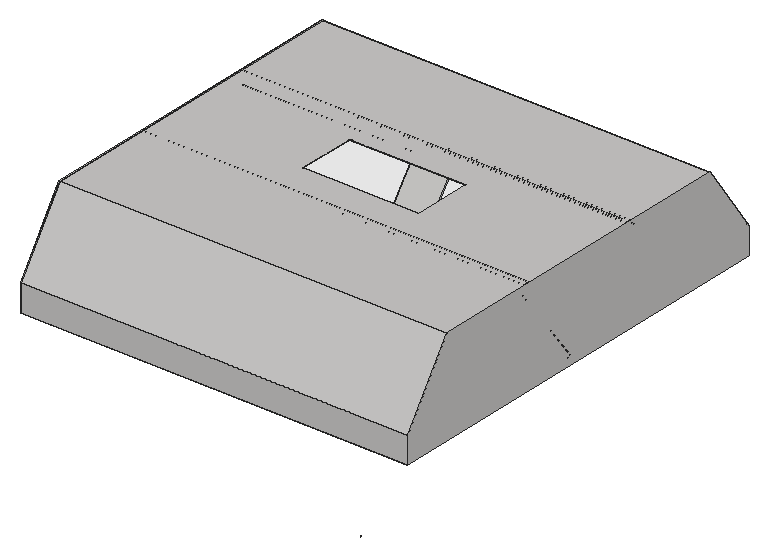
Revit family "QF_ELECTROLUXPROFESSIONAL_642369_BC2220DT", category Specialty Equipment, Revit 2014
Reference planes
  plane 1: z = 0
  plane 2 "Center (Left/Right)": x = 150
  plane 3 "LEFT": x = -850
  plane 4 "RIGHT": x = 1150
  plane 5 "BACK": y = 550
  plane 6 "TOP": z = 2500
  plane 7 "Base": z = 2000
  plane 8: z = 1946
  plane 9: x = -847
  plane 10 "DrainX": x = 999
  plane 11 "AOLeft2": x = 450
  plane 12: x = 1147
  plane 13: x = -650
  plane 14: x = 950
  plane 15: x = 50
  plane 16: x = 250
  plane 17 "AOLeft1": x = -150
  plane 18: y = -400
  plane 19: y = -700
  plane 20 "Center (Front/Back)": y = -550
  plane 21: y = -1650
  plane 22: through (0, -601.379, 2046.209) normal (0, 0.8019, 0.5974)
  plane 23: through (0, -498.621, 2046.209) normal (0, 0.8019, -0.5974)
  plane 24: z = 2140
Forms (mm)
  Extrusion 1, solid, material "QF_Finishes_Stainless Steel"
    sketch origin (-850, 0, 360) x (0, 1, 0) y (0, 0, 1)
      loop
        line (550, 1640) -> (550, 1780) -> (299.446, 2140) -> (-1399.446, 2140) -> (-1650, 1780) -> (-1650, 1640) -> (550, 1640)
    from 0 to 3
  Extrusion 2, solid, material "QF_Finishes_Stainless Steel"
    sketch origin (1150, 0, 360) x (0, 1, 0) y (0, 0, 1)
      loop
        line (550, 1640) -> (550, 1780) -> (299.446, 2140) -> (-1399.446, 2140) -> (-1650, 1780) -> (-1650, 1640) -> (550, 1640)
    from 0 to -3
  Extrusion 3, solid, material "QF_Finishes_Stainless Steel"
    sketch origin (150, 0, 360) x (0, 1, 0) y (0, 0, 1)
      loop
        line (-1399.446, 2140) -> (-1650, 1780) -> (-1650, 1640) -> (-1640, 1640) -> (-1640, 1640.8) -> (-1649.2, 1640.8) -> (-1649.2, 1779.739) -> (-1399.025, 2139.19) -> (299.025, 2139.19) -> (549.2, 1779.739) -> (549.2, 1640.8) -> (540, 1640.8) -> (540, 1640) -> (550, 1640) -> (550, 1780) -> (299.446, 2140) -> (-1399.446, 2140)
    from -1000 to 1000
  Extrusion 4, void
    sketch origin (0, 0, 2500) x (0, 1, 0) y (-1, 0, 0)
      loop
        line (-400, -450) -> (-400, 150) -> (-700, 150) -> (-700, -450) -> (-400, -450)
    from 0 to -10
  Extrusion 5, solid, material "QF_Finishes_Stainless Steel"
    sketch origin (0, 0, 0) x (1, 0, 0) y (0, 1, 0)
      loop
        line (-850, 550) -> (-850, 549) -> (-849, 549) -> (-849, 550) -> (-850, 550)
    from 0 to 1
  Extrusion 6, solid, material "QF_Finishes_Stainless Steel"
    sketch origin (150, -400, 360) x (0, 1, 0) y (0, 0, 1)
      loop
        line (-498.883, 2085.553) -> (-201.379, 1686.209) -> (-185.34, 1698.157) -> (-482.844, 2097.501) -> (-498.883, 2085.553)
      loop
        line (198.883, 2085.553) -> (182.844, 2097.501) -> (-114.66, 1698.157) -> (-98.621, 1686.209) -> (198.883, 2085.553)
    from -800 to -997
  Extrusion 7, solid, material "QF_Finishes_Stainless Steel"
    sketch origin (150, -400, 360) x (0, 1, 0) y (0, 0, 1)
      loop
        arc (-83.944, 1704.554) -> (-84.545, 1704.706) -> (-85.077, 1704.389) r 0.81
        line (-85.077, 1704.389) -> (-99.535, 1684.991) -> (-116.611, 1687.002) -> (-113.609, 1712.615) -> (-114.407, 1712.708) -> (-117.406, 1687.095)
        arc (-117.406, 1687.095) -> (-117.237, 1686.499) -> (-116.695, 1686.197) r 0.81
        line (-116.695, 1686.197) -> (-99.628, 1684.196)
        arc (-99.628, 1684.196) -> (-99.213, 1684.257) -> (-98.884, 1684.517) r 0.81
        line (-98.884, 1684.517) -> (-84.436, 1703.911) -> (-73.692, 1695.919) -> (-99.855, 1660.79) -> (-200.145, 1660.79) -> (-226.308, 1695.919) -> (-215.564, 1703.911) -> (-201.116, 1684.517)
        arc (-201.116, 1684.517) -> (-200.787, 1684.257) -> (-200.372, 1684.196) r 0.81
        line (-200.372, 1684.196) -> (-183.305, 1686.197)
        arc (-183.305, 1686.197) -> (-182.763, 1686.499) -> (-182.594, 1687.095) r 0.81
        line (-182.594, 1687.095) -> (-185.593, 1712.708) -> (-186.391, 1712.615) -> (-183.389, 1687.002) -> (-200.465, 1684.991) -> (-214.923, 1704.389)
        arc (-214.923, 1704.389) -> (-215.455, 1704.706) -> (-216.056, 1704.554) r 0.81
        line (-216.056, 1704.554) -> (-226.786, 1696.561)
        arc (-226.786, 1696.561) -> (-227.103, 1696.028) -> (-226.951, 1695.427) r 0.81
        line (-226.951, 1695.427) -> (-200.843, 1660.381)
        arc (-200.843, 1660.381) -> (-200.5, 1660.093) -> (-200.063, 1659.99) r 0.972
        line (-200.063, 1659.99) -> (-99.951, 1659.99)
        arc (-99.951, 1659.99) -> (-99.502, 1660.096) -> (-99.149, 1660.393) r 1
        line (-99.149, 1660.393) -> (-73.049, 1695.427)
        arc (-73.049, 1695.427) -> (-72.897, 1696.028) -> (-73.214, 1696.561) r 0.81
        line (-73.214, 1696.561) -> (-83.944, 1704.554)
      loop
        line (-492.735, 2139.19) -> (-492.735, 2129.205) -> (-517.587, 2110.686)
        arc (-517.587, 2110.686) -> (-517.904, 2110.153) -> (-517.752, 2109.552) r 0.81
        line (-517.752, 2109.552) -> (-484.894, 2065.446) -> (-495.625, 2057.438) -> (-495.147, 2056.796) -> (-484.418, 2064.79)
        arc (-484.418, 2064.79) -> (-484.1, 2065.322) -> (-484.252, 2065.923) r 0.81
        line (-484.252, 2065.923) -> (-517.117, 2110.038) -> (-491.935, 2128.798) -> (-491.935, 2138.4) -> (-462.776, 2138.4) -> (-462.776, 2070.563) -> (-461.976, 2069.49) -> (-461.976, 2139.19) -> (-492.735, 2139.19)
      loop
        line (192.735, 2139.19) -> (161.976, 2139.19) -> (161.976, 2069.49) -> (162.776, 2070.563) -> (162.776, 2138.4) -> (191.935, 2138.4) -> (191.935, 2128.798) -> (217.117, 2110.038) -> (184.252, 2065.923)
        arc (184.252, 2065.923) -> (184.1, 2065.322) -> (184.418, 2064.79) r 0.81
        line (184.418, 2064.79) -> (195.147, 2056.796) -> (195.625, 2057.438) -> (184.894, 2065.446) -> (217.752, 2109.552)
        arc (217.752, 2109.552) -> (217.904, 2110.153) -> (217.587, 2110.686) r 0.81
        line (217.587, 2110.686) -> (192.735, 2129.205) -> (192.735, 2139.19)
    from -997 to 997
  Extrusion 8, solid, material "QF_Finishes_Stainless Steel"
    sketch origin (150, -400, 360) x (0, 1, 0) y (0, 0, 1)
      loop
        line (-498.883, 2085.553) -> (-201.379, 1686.209) -> (-185.34, 1698.157) -> (-482.844, 2097.501) -> (-498.883, 2085.553)
      loop
        line (198.883, 2085.553) -> (182.844, 2097.501) -> (-114.66, 1698.157) -> (-98.621, 1686.209) -> (198.883, 2085.553)
    from 997 to 800
  Extrusion 9, solid, material "QF_Finishes_Stainless Steel"
    sketch origin (150, -400, 360) x (0, 1, 0) y (0, 0, 1)
      loop
        line (-498.883, 2085.553) -> (-201.379, 1686.209) -> (-185.34, 1698.157) -> (-482.844, 2097.501) -> (-498.883, 2085.553)
      loop
        line (198.883, 2085.553) -> (182.844, 2097.501) -> (-114.66, 1698.157) -> (-98.621, 1686.209) -> (198.883, 2085.553)
    from -100 to 100
  Extrusion 10, solid, material "QF_Finished_Chrome"
    sketch origin (150, -400, 360) x (0, 1, 0) y (0, 0, 1)
      loop
        line (-498.883, 2085.553) -> (-201.379, 1686.209) -> (-185.34, 1698.157) -> (-482.844, 2097.501) -> (-498.883, 2085.553)
      loop
        line (198.883, 2085.553) -> (182.844, 2097.501) -> (-114.66, 1698.157) -> (-98.621, 1686.209) -> (198.883, 2085.553)
    from -800 to -100
  Extrusion 11, solid, material "QF_Finished_Chrome"
    sketch origin (150, -400, 360) x (0, 1, 0) y (0, 0, 1)
      loop
        line (-498.883, 2085.553) -> (-201.379, 1686.209) -> (-185.34, 1698.157) -> (-482.844, 2097.501) -> (-498.883, 2085.553)
      loop
        line (198.883, 2085.553) -> (182.844, 2097.501) -> (-114.66, 1698.157) -> (-98.621, 1686.209) -> (198.883, 2085.553)
    from 100 to 800
  Sweep 12, solid, material "QF_Finishes_Stainless Steel"
    path origin (0, 0, 0) x (1, 0, 0) y (0, 1, 0)
      loop
        line (1150, 550) -> (-850, 550) -> (-850, -1650) -> (1150, -1650) -> (1150, 550)
    profile origin (1150, -550, 0) x (1, 0, 0) y (0, 0, 1)
      loop
        line (-3, 2000) -> (-3, 2000.8) -> (-19, 2000.8) -> (-19, 2010) -> (-20, 2010) -> (-20, 2000) -> (-3, 2000)
  Extrusion 13, solid, material "QF_Finishes_Stainless Steel"
    sketch origin (999, 0, 0) x (0, 1, 0) y (0, 0, 1)
      loop
        arc (-518.5, 1946) -> (-511.429, 1948.929) -> (-508.5, 1956) r 10
        line (-508.5, 1956) -> (-508.5, 2000.8) -> (-591.5, 2000.8) -> (-591.5, 1956)
        arc (-591.5, 1956) -> (-588.571, 1948.929) -> (-581.5, 1946) r 10
        line (-581.5, 1946) -> (-518.5, 1946)
    from -90 to 90
  Extrusion 14, solid, material "QF_Finishes_Stainless Steel"
    sketch origin (0, -1100, 2000) x (0, 1, 0) y (-1, 0, 0)
      loop
        circle (550, -999) r 6.35
    from -3.799 to 0
Cuts and joins
  Extrusion 4 cuts Extrusion 3
  joined: Extrusion 2, Extrusion 3, Sweep 12
Lines and regions (mm)
  symbolic lines, style "SpecialityEquipment", detail levels coarse
    curve 1: line (1150, 550, 2500) -> (-850, 550, 2500)
    curve 2: line (-850, 550, 2500) -> (-850, -1650, 2500)
    curve 3: line (1150, -1650, 2500) -> (1150, 550, 2500)
    curve 4: line (-850, 299.025, 0) -> (1149.504, -1399.025, 0)
    curve 5: line (1149.568, 299.025, 0) -> (-850, -1399.025, 0)
  symbolic lines, detail levels coarse
    curve 6: line (-150, -700, 0) -> (450, -700, 0)
    curve 7: line (-150, -400, 0) -> (-150, -700, 0)
    curve 8: line (450, -400, 0) -> (-150, -400, 0)
    curve 9: line (450, -700, 0) -> (450, -400, 0)
    curve 10: line (-850, 299.025, 0) -> (1149.568, 299.025, 0)
    curve 11: line (1149.504, -1399.025, 0) -> (-850, -1399.025, 0)
    curve 12: line (-850, -1650, 0) -> (1150, -1650, 0)
Dimensions and locks
  plane 3 "LEFT" to plane 4 "RIGHT" = 2000 mm
  equal spacing: plane 3 "LEFT", plane 2 "Center (Left/Right)", plane 4 "RIGHT"
  plane 3 "LEFT" to plane 9 = 3 mm
  plane 10 "DrainX" to plane 4 "RIGHT" = 151 mm
  plane 12 to plane 4 "RIGHT" = 3 mm
  plane 3 "LEFT" to plane 13 = 200 mm
  plane 14 to plane 4 "RIGHT" = 200 mm
  locked: plane 7 "Base" to level at 2000
  locked: plane 15 to plane 16 at 200
  equal spacing: plane 15, plane 2 "Center (Left/Right)", plane 16
  plane 7 "Base" to plane 8 = 54 mm
  locked: plane 6 "TOP" to plane 7 "Base" at 500
  plane 5 "BACK" to plane 21 = 2200 mm  (x2)
  equal spacing: plane 5 "BACK", plane 20 "Center (Front/Back)", plane 21
  plane 19 to plane 18 = 300 mm
  equal spacing: plane 19, plane 20 "Center (Front/Back)", plane 18
  plane 24 to plane 7 "Base" = 140 mm
  locked: plane 17 "AOLeft1" to plane 11 "AOLeft2" at 600
  aligned and locked: level to plane 1
  aligned and locked: plane 4 "RIGHT" to Extrusion 3
  aligned and locked: Extrusion 3 to plane 3 "LEFT"
  aligned and locked: Extrusion 6 to plane 9
  aligned and locked: plane 13 to Extrusion 6
  aligned and locked: Extrusion 2 to plane 12
  aligned and locked: plane 12 to Extrusion 8
  aligned and locked: Extrusion 8 to plane 14
  aligned and locked: plane 16 to Extrusion 9
  aligned and locked: Extrusion 9 to plane 15
  aligned and locked: plane 15 to Extrusion 10
  aligned and locked: Extrusion 10 to plane 13
  aligned and locked: Extrusion 11 to plane 16
  aligned and locked: Extrusion 11 to plane 14
  aligned and locked: Extrusion 7 to plane 9
  aligned and locked: plane 12 to Extrusion 7
  aligned and locked: Extrusion 4 to plane 17 "AOLeft1"
  aligned and locked: Extrusion 4 to plane 11 "AOLeft2"
  aligned and locked: plane 19 to Extrusion 4
  aligned and locked: plane 18 to Extrusion 4
Automatic sketch dimensions
  Extrusion 4 sketch curve to plane 11 "AOLeft2" = 0 mm
  Extrusion 4 sketch curve to plane 17 "AOLeft1" = 0 mm
  Extrusion 5 sketch curve to plane 3 "LEFT" = 0 mm
  Extrusion 5 sketch curve to plane 5 "BACK" = 0 mm
  plane 3 "LEFT" to Extrusion 5 sketch curve = 1 mm
  Extrusion 5 sketch curve to Extrusion 5 sketch curve = 1 mm
  Sweep 12 sketch curve to plane 3 "LEFT" = 0 mm
  Sweep 12 sketch curve to plane 4 "RIGHT" = 0 mm
  Sweep 12 sketch curve to plane 5 "BACK" = 0 mm
  profile plane to Sweep 12 sketch curve = 20 mm
  Sweep 12 sketch curve to Sweep 12 sketch curve = 1 mm
  profile plane to Sweep 12 sketch curve = 3 mm
  level to Sweep 12 sketch curve = 2000 mm
  Sweep 12 sketch curve to Sweep 12 sketch curve = 0.8 mm
  Sweep 12 sketch curve to Sweep 12 sketch curve = 9.2 mm
  plane 19 to Extrusion 2 sketch curve = 699.446 mm
  plane 19 to Sweep 12 sketch curve = 950 mm
  plane 19 to Extrusion 4 sketch curve = 0 mm
  Extrusion 4 sketch curve to plane 18 = 0 mm
  Extrusion 14 sketch curve to plane 10 "DrainX" = 0 mm
  Extrusion 14 sketch curve to plane 20 "Center (Front/Back)" = 0 mm
  Extrusion 13 sketch curve to plane 8 = 0 mm
  plane 8 to Extrusion 13 sketch curve = 10 mm
  Extrusion 13 sketch curve to plane 20 "Center (Front/Back)" = 41.5 mm
  plane 20 "Center (Front/Back)" to Extrusion 13 sketch curve = 31.5 mm
  plane 7 "Base" to Extrusion 13 sketch curve = 0.8 mm
  plane 20 "Center (Front/Back)" to Extrusion 13 sketch curve = 41.5 mm
  plane 19 to Extrusion 6 sketch curve = 198.883 mm
  Extrusion 6 sketch curve to plane 6 "TOP" = 42.499 mm  (x2)
  Extrusion 6 sketch curve to Extrusion 6 sketch curve = 16.039 mm  (x2)
  Extrusion 6 sketch curve to plane 20 "Center (Front/Back)" = 51.379 mm
  plane 20 "Center (Front/Back)" to Extrusion 6 sketch curve = 35.34 mm
  plane 18 to Extrusion 6 sketch curve = 182.844 mm
  Extrusion 6 sketch curve to Extrusion 6 sketch curve = 11.948 mm  (x2)
  Extrusion 7 sketch curve to plane 6 "TOP" = 30.448 mm  (x2)
  plane 19 to Extrusion 7 sketch curve = 217.752 mm
  Extrusion 7 sketch curve to plane 6 "TOP" = 29.314 mm  (x2)
  Extrusion 7 sketch curve to Extrusion 7 sketch curve = 0.166 mm  (x3)
  Extrusion 7 sketch curve to plane 6 "TOP" = 29.962 mm  (x2)
  Extrusion 7 sketch curve to Extrusion 7 sketch curve = 0.47 mm  (x2)
  Extrusion 7 sketch curve to Extrusion 7 sketch curve = 0.014 mm  (x2)
  Extrusion 7 sketch curve to plane 6 "TOP" = 82.562 mm  (x2)
  Extrusion 7 sketch curve to Extrusion 7 sketch curve = 22.127 mm
  Extrusion 7 sketch curve to plane 6 "TOP" = 83.204 mm  (x2)
  Extrusion 7 sketch curve to Extrusion 7 sketch curve = 0.478 mm  (x5)
  Extrusion 7 sketch curve to plane 6 "TOP" = 0.81 mm  (x2)
  Extrusion 7 sketch curve to Extrusion 7 sketch curve = 24.852 mm
  Extrusion 7 sketch curve to Extrusion 7 sketch curve = 0.8 mm  (x5)
  Extrusion 7 sketch curve to Extrusion 7 sketch curve = 10.724 mm
  Extrusion 7 sketch curve to plane 6 "TOP" = 74.554 mm  (x2)
  Extrusion 7 sketch curve to Extrusion 7 sketch curve = 0.008 mm  (x6)
  Extrusion 7 sketch curve to plane 6 "TOP" = 75.21 mm  (x2)
  Extrusion 7 sketch curve to plane 6 "TOP" = 74.077 mm  (x2)
  Extrusion 7 sketch curve to Extrusion 7 sketch curve = 0.642 mm  (x2)
  Extrusion 7 sketch curve to plane 6 "TOP" = 69.437 mm  (x2)
  Extrusion 7 sketch curve to Extrusion 7 sketch curve = 21.476 mm  (x2)
  Extrusion 7 sketch curve to plane 19 = 73.049 mm
  Extrusion 7 sketch curve to Extrusion 7 sketch curve = 0.006 mm  (x4)
  Extrusion 7 sketch curve to Extrusion 7 sketch curve = 10.73 mm  (x3)
  Extrusion 7 sketch curve to Extrusion 7 sketch curve = 0.484 mm  (x4)
  Extrusion 7 sketch curve to Extrusion 7 sketch curve = 0.641 mm  (x2)
  Extrusion 7 sketch curve to Extrusion 7 sketch curve = 14.448 mm
  plane 7 "Base" to Extrusion 7 sketch curve = 20.381 mm
  Extrusion 7 sketch curve to Extrusion 7 sketch curve = 0.273 mm
  Extrusion 7 sketch curve to Extrusion 7 sketch curve = 0.65 mm  (x2)
  Extrusion 7 sketch curve to Extrusion 7 sketch curve = 0.001 mm  (x4)
  Extrusion 7 sketch curve to Extrusion 7 sketch curve = 0.093 mm  (x2)
  plane 7 "Base" to Extrusion 7 sketch curve = 20.79 mm
  Extrusion 7 sketch curve to Extrusion 7 sketch curve = 0.698 mm
  Extrusion 7 sketch curve to Extrusion 7 sketch curve = 0.081 mm
  Extrusion 7 sketch curve to Extrusion 7 sketch curve = 28.531 mm
  Extrusion 7 sketch curve to Extrusion 7 sketch curve = 0.799 mm  (x2)
  Extrusion 7 sketch curve to Extrusion 7 sketch curve = 17.067 mm  (x2)
  Extrusion 7 sketch curve to Extrusion 7 sketch curve = 0.01 mm  (x4)
  Extrusion 7 sketch curve to Extrusion 7 sketch curve = 0.094 mm
  Extrusion 7 sketch curve to Extrusion 7 sketch curve = 0.795 mm  (x2)
  plane 20 "Center (Front/Back)" to Extrusion 7 sketch curve = 32.594 mm
  Extrusion 7 sketch curve to Extrusion 7 sketch curve = 0.71 mm
  Extrusion 7 sketch curve to Extrusion 7 sketch curve = 2.998 mm
  Extrusion 7 sketch curve to Extrusion 7 sketch curve = 16.745 mm
  Extrusion 7 sketch curve to Extrusion 7 sketch curve = 0.095 mm
  plane 7 "Base" to Extrusion 7 sketch curve = 20.393 mm
  Extrusion 7 sketch curve to Extrusion 7 sketch curve = 0.707 mm
  Extrusion 7 sketch curve to Extrusion 7 sketch curve = 0.651 mm
  Extrusion 7 sketch curve to Extrusion 7 sketch curve = 14.456 mm
  Extrusion 7 sketch curve to plane 6 "TOP" = 70.51 mm  (x2)
  plane 18 to Extrusion 7 sketch curve = 161.976 mm
  Extrusion 7 sketch curve to plane 6 "TOP" = 1.6 mm
  Extrusion 7 sketch curve to Extrusion 7 sketch curve = 29.159 mm
  Extrusion 7 sketch curve to Extrusion 7 sketch curve = 24.368 mm
  Extrusion 7 sketch curve to Extrusion 7 sketch curve = 0.636 mm
  Extrusion 7 sketch curve to Extrusion 7 sketch curve = 23.206 mm
  Extrusion 7 sketch curve to Extrusion 7 sketch curve = 23.234 mm
  Extrusion 7 sketch curve to Extrusion 7 sketch curve = 0.321 mm  (x2)
  Extrusion 7 sketch curve to Extrusion 7 sketch curve = 2.001 mm  (x2)
  Extrusion 7 sketch curve to Extrusion 7 sketch curve = 0.804 mm  (x2)
  Extrusion 7 sketch curve to Extrusion 7 sketch curve = 10.911 mm  (x2)
  Extrusion 7 sketch curve to Extrusion 7 sketch curve = 7.993 mm  (x2)
  Extrusion 7 sketch curve to Extrusion 7 sketch curve = 25.613 mm  (x2)
  Extrusion 7 sketch curve to Extrusion 7 sketch curve = 0.407 mm  (x2)
  Extrusion 7 sketch curve to Extrusion 7 sketch curve = 0.79 mm
  Extrusion 3 sketch curve to plane 7 "Base" = 0 mm  (x2)
  Extrusion 3 sketch curve to plane 21 = 0 mm
  Extrusion 3 sketch curve to plane 5 "BACK" = 0 mm
  plane 21 to Extrusion 3 sketch curve = 0.8 mm
  plane 7 "Base" to Extrusion 3 sketch curve = 0.8 mm  (x2)
  Extrusion 3 sketch curve to Extrusion 3 sketch curve = 9.2 mm
  plane 21 to Extrusion 3 sketch curve = 250.554 mm
  Extrusion 3 sketch curve to Extrusion 3 sketch curve = 0.421 mm  (x2)
  Extrusion 3 sketch curve to plane 6 "TOP" = 0.81 mm
  Extrusion 3 sketch curve to plane 5 "BACK" = 250.975 mm
  Extrusion 3 sketch curve to plane 5 "BACK" = 10 mm
  Extrusion 3 sketch curve to plane 5 "BACK" = 0.8 mm
  Extrusion 3 sketch curve to Extrusion 3 sketch curve = 138.939 mm  (x2)
  Extrusion 3 sketch curve to Extrusion 3 sketch curve = 0.261 mm  (x2)
  Extrusion 3 sketch curve to plane 6 "TOP" = 0 mm
  Extrusion 1 sketch curve to plane 7 "Base" = 0 mm
  Extrusion 1 sketch curve to plane 21 = 0 mm
  Extrusion 1 sketch curve to plane 6 "TOP" = 0 mm
  Extrusion 1 sketch curve to plane 5 "BACK" = 0 mm
  Extrusion 1 sketch curve to plane 5 "BACK" = 250.554 mm
  plane 7 "Base" to Extrusion 1 sketch curve = 140 mm
  Extrusion 1 sketch curve to Extrusion 1 sketch curve = 140 mm
  plane 21 to Extrusion 1 sketch curve = 250.554 mm
  Extrusion 2 sketch curve to plane 5 "BACK" = 250.554 mm
  plane 7 "Base" to Extrusion 2 sketch curve = 140 mm  (x2)
  Extrusion 2 sketch curve to plane 7 "Base" = 0 mm
  plane 21 to Extrusion 2 sketch curve = 0 mm
  Extrusion 2 sketch curve to plane 6 "TOP" = 0 mm
  Extrusion 2 sketch curve to plane 5 "BACK" = 0 mm
  plane 19 to Extrusion 10 sketch curve = 198.883 mm
  Extrusion 10 sketch curve to plane 6 "TOP" = 42.499 mm  (x2)
  Extrusion 10 sketch curve to Extrusion 10 sketch curve = 16.039 mm  (x2)
  Extrusion 10 sketch curve to plane 20 "Center (Front/Back)" = 51.379 mm
  plane 20 "Center (Front/Back)" to Extrusion 10 sketch curve = 35.34 mm
  plane 18 to Extrusion 10 sketch curve = 182.844 mm
  Extrusion 10 sketch curve to Extrusion 10 sketch curve = 11.948 mm  (x2)
  plane 19 to Extrusion 9 sketch curve = 198.883 mm
  Extrusion 9 sketch curve to plane 6 "TOP" = 42.499 mm  (x2)
  Extrusion 9 sketch curve to Extrusion 9 sketch curve = 16.039 mm  (x2)
  Extrusion 9 sketch curve to plane 20 "Center (Front/Back)" = 51.379 mm
  plane 20 "Center (Front/Back)" to Extrusion 9 sketch curve = 35.34 mm
  plane 18 to Extrusion 9 sketch curve = 182.844 mm
  Extrusion 9 sketch curve to Extrusion 9 sketch curve = 11.948 mm  (x2)
  plane 19 to Extrusion 11 sketch curve = 198.883 mm
  Extrusion 11 sketch curve to plane 6 "TOP" = 42.499 mm  (x2)
  Extrusion 11 sketch curve to Extrusion 11 sketch curve = 16.039 mm  (x2)
  Extrusion 11 sketch curve to plane 20 "Center (Front/Back)" = 51.379 mm
  plane 20 "Center (Front/Back)" to Extrusion 11 sketch curve = 35.34 mm
  plane 18 to Extrusion 11 sketch curve = 182.844 mm
  Extrusion 11 sketch curve to Extrusion 11 sketch curve = 11.948 mm  (x2)
  plane 19 to Extrusion 8 sketch curve = 198.883 mm
  Extrusion 8 sketch curve to plane 6 "TOP" = 42.499 mm  (x2)
  Extrusion 8 sketch curve to Extrusion 8 sketch curve = 16.039 mm  (x2)
  Extrusion 8 sketch curve to plane 20 "Center (Front/Back)" = 51.379 mm
  plane 20 "Center (Front/Back)" to Extrusion 8 sketch curve = 35.34 mm
  plane 18 to Extrusion 8 sketch curve = 182.844 mm
  Extrusion 8 sketch curve to Extrusion 8 sketch curve = 11.948 mm  (x2)
  curve 2 to plane 3 "LEFT" = 0 mm
  curve 2 to plane 21 = 0 mm
  curve 3 to plane 4 "RIGHT" = 0 mm
  curve 2 to plane 5 "BACK" = 0 mm
  plane 21 to curve 3 = 0 mm
  curve 12 to plane 3 "LEFT" = 0 mm
  curve 11 to plane 3 "LEFT" = 0 mm
  curve 10 to plane 3 "LEFT" = 0 mm
  curve 6 to plane 17 "AOLeft1" = 0 mm
  curve 9 to plane 11 "AOLeft2" = 0 mm
  curve 12 to plane 4 "RIGHT" = 0 mm
  curve 12 to plane 21 = 0 mm
  plane 19 to curve 6 = 0 mm
  curve 9 to plane 18 = 0 mm
  curve 11 to plane 4 "RIGHT" = 0.496 mm
  curve 5 to plane 4 "RIGHT" = 0.432 mm
  plane 21 to curve 4 = 250.975 mm
  curve 10 to plane 5 "BACK" = 250.975 mm
  radius of Extrusion 14 sketch curve = 6.35 mm
Connectors
  hvac at (150, -550, 2500)
    settings: on Extrusion 4, index 2, duct flow 0.0 L/s, flow factor 0, pres drop 0.0 Pa, loss coef 0, conn angle 0.00°, conn width 300 mm, conn height 0 mm, conn diameter 609.6 mm, duct sys type 3, conn prof type 1, flow config 1, flow direction 2, loss method 0, conn ref index -1, conn util no, is conn primary yes, conn desc "EXHAUST OUTLET"
  piping at (999, -550, 1996.201), diameter 12.7
    settings: on Extrusion 14, index 4, connector inside diameter 609.6 mm, connector length 0 mm, flow factor 0, pipe flow 0.0 L/s, pressure drop 0.0 Pa, fitting loss kfactor 0, connector angle 0.00°, fixture units 0, engagement length 0 mm, angle of deflection 0.00°, flow configuration 1, flow direction 2, fitting loss method 0, system type 16, joint type 0, gender type 0, connector reference index -1, connector utility 0, adjustable connector no, is connector primary yes, connector description "Drain"
